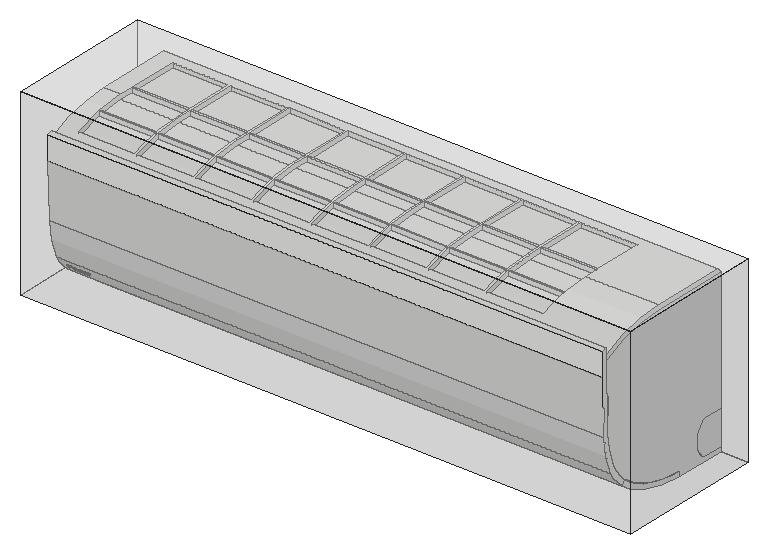
Revit family "outputfile", category 機械設備, Revit 2024
Family settings
  丸型コネクタ寸法 = 半径を使用
  パーツ タイプ = 標準
  OmniClass 番号 = 23.75.10.24.21.27.27
  OmniClass タイトル = Split System Air Conditioning Units
  作業面ベース = いいえ
  常に垂直 = はい
  ロード時にボイドで切り取り = いいえ
  注釈の向きを維持 = いいえ
  共有 = いいえ
  部屋計算ポイント = いいえ
Parameters (values of type "FTXF71WVMA")
  Description = ""
  書き出し IFC クラス(タイプ) = "IfcUnitaryEquipmentType"
  定義済み IFC タイプ(タイプ) = "AIRCONDITIONINGUNIT"
  Cost = 0
  Type Comments = ""
  Keynote = ""
  Type Image = (empty or 0)
  Assembly Code = ""
  w_wall hole = if(Width = 770.0 mm, 48.0 mm, 60.0 mm)  # 60.0 mm
  製造元 = "Daikin"
  モデル = "FTXF71WVMA"
  switch_frequency = yes
  r_Liquid Pipe Size = Liquid Pipe Size / 2  # 3.2 mm
  r_Gas Pipe Size = Gas Pipe Size / 2  # 6.35 mm
  r_Drain Pipe Size = Drain Pipe Size / 2  # 8.0 mm
  lw_powersupply [instance] = if(Width = 770.0 mm, if(or(Rear Right Connection_refrigerant, Bottom Right Connection_refrigerant), 25.0 mm, if(or(Rear Left Connection_refrigerant, Bottom Left Connection_refrigerant), 745.0 mm, 400.0 mm)), if(Width = 990.0 mm, if(or(Rear Right Connection_refrigerant, Bottom Right Connection_refrigerant), 40.0 mm, if(or(Rear Left Connection_refrigerant, Bottom Left Connection_refrigerant), 920.0 mm, 400.0 mm)), if(or(Rear Right Connection_refrigerant, Bottom Right Connection_refrigerant), 40.0 mm, if(or(Rear Left Connection_refrigerant, Bottom Left Connection_refrigerant), 920.0 mm, 400.0 mm))))  # 400.0 mm
  lw_liquidpipe [instance] = if(Width = 770.0 mm, if(or(Rear Right Connection_refrigerant, Bottom Right Connection_refrigerant), 0.0 mm, if(or(Rear Left Connection_refrigerant, Bottom Left Connection_refrigerant), 664.0 mm, 385.0 mm)), if(Width = 990.0 mm, if(or(Rear Right Connection_refrigerant, Bottom Right Connection_refrigerant), 0.0 mm, if(or(Rear Left Connection_refrigerant, Bottom Left Connection_refrigerant), 664.0 mm + (990.0 mm - 770.0 mm), 475.0 mm)), if(or(Rear Right Connection_refrigerant, Bottom Right Connection_refrigerant), 0.0 mm, if(or(Rear Left Connection_refrigerant, Bottom Left Connection_refrigerant), 664.0 mm + (990.0 mm - 770.0 mm), 475.0 mm))))  # 475.0 mm
  lw_gaspipe [instance] = if(Width = 770.0 mm, if(or(Rear Right Connection_refrigerant, Bottom Right Connection_refrigerant), 0.0 mm, if(or(Rear Left Connection_refrigerant, Bottom Left Connection_refrigerant), 675.0 mm, if(Gas Pipe Size = 12.7 mm, 335.0 mm, 335.0 mm))), if(Width = 990.0 mm, if(or(Rear Right Connection_refrigerant, Bottom Right Connection_refrigerant), 10.0 mm, if(or(Rear Left Connection_refrigerant, Bottom Left Connection_refrigerant), 890.0 mm, if(Gas Pipe Size = 15.9 mm, 400.0 mm, 400.0 mm))), if(or(Rear Right Connection_refrigerant, Bottom Right Connection_refrigerant), 10.0 mm, if(or(Rear Left Connection_refrigerant, Bottom Left Connection_refrigerant), 890.0 mm, if(Gas Pipe Size = 15.9 mm, 400.0 mm, 400.0 mm)))))  # 400.0 mm
  lw_drainpipe [instance] = if(Width = 770.0 mm, if(or(Rear Right Connection_refrigerant, Bottom Right Connection_refrigerant), 0.0 mm, if(or(Rear Left Connection_refrigerant, Bottom Left Connection_refrigerant), 770.0 mm - 48.0 mm - 48.0 mm, 440.0 mm)), if(Width = 990.0 mm, if(or(Rear Right Connection_refrigerant, Bottom Right Connection_refrigerant), 0.0 mm, if(or(Rear Left Connection_refrigerant, Bottom Left Connection_refrigerant), 675.0 mm + (990.0 mm - 770.0 mm), 435.0 mm)), if(or(Rear Right Connection_refrigerant, Bottom Right Connection_refrigerant), 0.0 mm, if(or(Rear Left Connection_refrigerant, Bottom Left Connection_refrigerant), 675.0 mm + (990.0 mm - 770.0 mm), 435.0 mm))))  # 435.0 mm
  l_powersupply_length [instance] = if(Width = 770.0 mm, if(Right Connection_refrigerant, 400.0 mm, if(Left Connection_refrigerant, 770.0 mm - 400.0 mm, if(or(Rear Left Connection_refrigerant, Rear Right Connection_refrigerant), 15.0 mm, 50.0 mm))), if(Width = 990.0 mm, if(Right Connection_refrigerant, 400.0 mm, if(Left Connection_refrigerant, 990.0 mm - 400.0 mm, if(or(Rear Left Connection_refrigerant, Rear Right Connection_refrigerant), 15.0 mm, 50.0 mm))), if(Right Connection_refrigerant, 400.0 mm, if(Left Connection_refrigerant, 990.0 mm - 400.0 mm, if(or(Rear Left Connection_refrigerant, Rear Right Connection_refrigerant), 15.0 mm, 50.0 mm)))))  # 400.0 mm
  l_liquidpipe_length [instance] = if(Width = 770.0 mm, if(Right Connection_refrigerant, 433.0 mm, if(Left Connection_refrigerant, 337.0 mm, if(or(Rear Left Connection_refrigerant, Rear Right Connection_refrigerant), 30.0 mm, 40.0 mm))), if(Width = 990.0 mm, if(Right Connection_refrigerant, 535.0 mm, if(Left Connection_refrigerant, 455.0 mm, if(or(Rear Left Connection_refrigerant, Rear Right Connection_refrigerant), 30.0 mm, 40.0 mm))), if(Right Connection_refrigerant, 535.0 mm, if(Left Connection_refrigerant, 455.0 mm, if(or(Rear Left Connection_refrigerant, Rear Right Connection_refrigerant), 30.0 mm, 40.0 mm)))))  # 535.0 mm
  l_gaspipe_length [instance] = if(Width = 770.0 mm, if(Right Connection_refrigerant, if(Gas Pipe Size = 12.7 mm, 383.0 mm, 383.0 mm), if(Left Connection_refrigerant, if(Gas Pipe Size = 12.7 mm, 770.0 mm - 383.0 mm, 770.0 mm - 383.0 mm), if(or(Rear Left Connection_refrigerant, Rear Right Connection_refrigerant), 40.0 mm, 50.0 mm))), if(Width = 990.0 mm, if(Right Connection_refrigerant, if(Gas Pipe Size = 15.9 mm, 460.0 mm, 460.0 mm), if(Left Connection_refrigerant, if(Gas Pipe Size = 15.9 mm, 990.0 mm - 460.0 mm, 990.0 mm - 460.0 mm), if(or(Rear Left Connection_refrigerant, Rear Right Connection_refrigerant), 40.0 mm, 50.0 mm))), if(Right Connection_refrigerant, if(Gas Pipe Size = 15.9 mm, 460.0 mm, 460.0 mm), if(Left Connection_refrigerant, if(Gas Pipe Size = 15.9 mm, 990.0 mm - 460.0 mm, 990.0 mm - 460.0 mm), if(or(Rear Left Connection_refrigerant, Rear Right Connection_refrigerant), 40.0 mm, 50.0 mm)))))  # 460.0 mm
  l_drainpipe_length [instance] = if(Width = 770.0 mm, if(Right Connection_refrigerant, 488.0 mm, if(Left Connection_refrigerant, 282.0 mm, if(or(Rear Left Connection_refrigerant, Rear Right Connection_refrigerant), 15.0 mm, 20.0 mm))), if(Width = 990.0 mm, if(Right Connection_refrigerant, 495.0 mm, if(Left Connection_refrigerant, 495.0 mm, if(or(Rear Left Connection_refrigerant, Rear Right Connection_refrigerant), 15.0 mm, 20.0 mm))), if(Right Connection_refrigerant, 495.0 mm, if(Left Connection_refrigerant, 495.0 mm, if(or(Rear Left Connection_refrigerant, Rear Right Connection_refrigerant), 15.0 mm, 20.0 mm)))))  # 495.0 mm
  h*** = 0.0 mm  # constant formula
  connector_voltage = Voltage_50Hz  # 230 V
  connector_powerinput = if([Power Input (Cooling)] > [Power Input (Heating)], [Power Input (Cooling)], [Power Input (Heating)])  # 0.000 kW
  connector_phase = Phase_50Hz  # 1
  angle_vertical [instance] = if(or(Bottom Left Connection_refrigerant, Bottom Right Connection_refrigerant), 0.00°, 90.00°)  # 90.00°
  angle_horizontal [instance] = if(Right Connection_refrigerant, 90.00°, if(Left Connection_refrigerant, -90.00°, if(or(Rear Left Connection_refrigerant, Rear Right Connection_refrigerant), 180.00°, 0.00°)))  # 90.00°
  Width = 990.0 mm
  Voltage_comment_50Hz = "220 - 240"
  Voltage_50Hz = 230 V
  Version = "ver.1.0"
  Unit Type = "Wall Mounted"
  Unit Mass Weight = 13.00 kg
  Unit Designation [instance] = ""
  Uniclass2015Version = "Products v1.30"
  Uniclass2015Title = "Split coil room air conditioning units"
  Uniclass2015Code = "Pr_70_65_03_86"
  URL = ""
  Total Heating Capacity [instance] = 0.000 kW
  Total Cooling Capacity [instance] = 0.000 kW
  Sound Pressure Level_M speed (dBA) = 45
  Sound Pressure Level_L speed (dBA) = 37
  Sound Pressure Level_H speed (dBA) = 49
  Sound Power Level_H speed (dB) = 0
  Series = "Single Split_Fan Coil Unit"
  Sensible Cooling Capacity [instance] = 0.000 kW
  Refrigerant Type = "R32"
  Power Input (Heating) = 0.000 kW
  Power Input (Cooling) = 0.000 kW
  Phase_50Hz = 1
  Option Accessory 3 [instance] = ""
  Option Accessory 2 [instance] = ""
  Option Accessory 1 [instance] = ""
  Nominal Heating Capacity = 8.000 kW
  Nominal Cooling Capacity = 7.100 kW
  Minimum Circuit Amps_50Hz = 0.0 A
  Minimum Airflow = 780.00 m³/h
  Median Airflow = 1020.00 m³/h
  Maximum Fuse Amps_50Hz = 0.0 A
  Maximum Airflow = 1260.00 m³/h
  Material_Casing = DAIKIN_PureWhite_Casing_indoorunit
  Load Classification = HVAC
  Liquid Pipe Size = 6.4 mm
  Link_Nested Family [instance] = ""
  IfcVersion = ""
  IfcExportType = "AIRCONDITIONINGUNIT"
  IfcExportAs = "IfcUnitaryEquipmentType"
  Height = 295.0 mm
  Heating Entering Wet Bulb Temperature [instance] = 0.00 °C
  Heating Entering Dry Bulb Temperature [instance] = 0.00 °C
  Heating Ambient Wet Bulb Temperature [instance] = 0.00 °C
  Heating Ambient Dry Bulb Temperature [instance] = 0.00 °C
  Heat Exchanger Type = "Cross Fin Coil"
  Gas Pipe Size = 12.7 mm
  Frequency_50Hz = 50 Hz
  Fan Type = "Cross Flow Fan"
  Fan Drive = "Direct Drive"
  FCU Tag No. [instance] = ""
  Drain Pipe Size = 16.0 mm
  Design Supply Airflow [instance] = 0.00 m³/h
  Depth = 263.0 mm
  既定の高さ = 0.0 mm
  Cooling Entering Wet Bulb Temperature [instance] = 0.00 °C
  Cooling Entering Dry Bulb Temperature [instance] = 0.00 °C
  Cooling Ambient Wet Bulb Temperature [instance] = 0.00 °C
  Cooling Ambient Dry Bulb Temperature [instance] = 0.00 °C
  Clearance visibility [instance] = yes
  Clearance Top = 30.0 mm
  Clearance Right = 50.0 mm
  Clearance Rear = 0.0 mm
  Clearance Left = 50.0 mm
  Clearance Front = 0.0 mm
  Clearance Bottom = 0.0 mm
  Bottom Right Connection_refrigerant [instance] = no
  Bottom Left Connection_refrigerant [instance] = no
  Rear Right Connection_refrigerant [instance] = no
  Rear Left Connection_refrigerant [instance] = no
  Right Connection_refrigerant [instance] = yes
  Left Connection_refrigerant [instance] = no
Reference planes
  plane 1 "Back": y = 0
  plane 2: z = 0
  plane 3 "Center (Left/Right)": x = 0
  plane 4 "Center (Front/Back)": y = -131.5
  plane 5 "Front": y = -263
  plane 6 "Left": x = -495
  plane 7 "Right": x = 495
  plane 8 "Top": z = 0
  plane 9 "Bottom": z = -295
  plane 10: x = -545
  plane 11: x = 545
  plane 12: y = 0
  plane 13: y = -263
  plane 14: z = 30
  plane 15: z = -295
  plane 16 "lw_Piping and Wiring intake": x = 435
  plane 17 "lw_gaspipe": x = 35
  plane 18 "lw_liquidpipe": x = -40
  plane 19 "lw_drainpipe": x = 0
  plane 20 "lh_drainpipe": z = -275
  plane 21 "lh_liquidpipe": z = -255
  plane 22 "lh_gaspipe": z = -245
  plane 23 "ld_drainpipe": y = -15
  plane 24 "ld_liquidpipe": y = -30
  plane 25 "ld_gaspipe": y = -40
  plane 26 "lw_powersupply": x = 95
Dimensions and locks
  equal spacing: plane 6 "Left", plane 3 "Center (Left/Right)", plane 7 "Right"
  "Width": plane 6 "Left" to plane 7 "Right"
  equal spacing: plane 5 "Front", plane 4 "Center (Front/Back)", plane 1 "Back"
  "Depth": plane 5 "Front" to plane 1 "Back"
  "Height": plane 8 "Top" to plane 9 "Bottom"
  "Clearance Rear": plane 12 to plane 1 "Back"
  "Clearance Front": plane 13 to plane 5 "Front"
  "Clearance Top": plane 14 to plane 8 "Top"
  "Clearance Bottom": plane 9 "Bottom" to plane 15
  "w_wall hole": plane 16 "lw_Piping and Wiring intake" to plane 7 "Right"
  "lw_gaspipe": plane 17 "lw_gaspipe" to plane 16 "lw_Piping and Wiring intake"
  "lw_liquidpipe": plane 18 "lw_liquidpipe" to plane 16 "lw_Piping and Wiring intake"
  "lw_drainpipe": plane 19 "lw_drainpipe" to plane 16 "lw_Piping and Wiring intake"
  locked: plane 20 "lh_drainpipe" to plane 9 "Bottom" at 20
  locked: plane 21 "lh_liquidpipe" to plane 9 "Bottom" at 40
  locked: plane 22 "lh_gaspipe" to plane 9 "Bottom" at 50
  locked: plane 23 "ld_drainpipe" to plane 1 "Back" at 15
  locked: plane 1 "Back" to plane 24 "ld_liquidpipe" at 30
  locked: plane 1 "Back" to plane 25 "ld_gaspipe" at 40
  "lw_powersupply": plane 26 "lw_powersupply" to plane 7 "Right"
  "Clearance Left": plane 10 to plane 6 "Left"
  "Clearance Right": plane 7 "Right" to plane 11
  aligned and locked: level to plane 2
  aligned and locked: plane 12 to nested 1
  aligned and locked: nested 1 to plane 13
  aligned and locked: plane 10 to nested 1
  aligned and locked: plane 11 to nested 1
  aligned and locked: plane 15 to nested 1
  aligned and locked: plane 14 to nested 1
  aligned and locked: plane 17 "lw_gaspipe" to nested 2
  aligned and locked: nested 2 to plane 25 "ld_gaspipe"
  aligned and locked: plane 18 "lw_liquidpipe" to nested 3
  aligned and locked: nested 3 to plane 24 "ld_liquidpipe"
  aligned and locked: plane 19 "lw_drainpipe" to nested 4
  aligned and locked: nested 4 to plane 23 "ld_drainpipe"
  aligned and locked: nested 5 to plane 23 "ld_drainpipe"
  aligned and locked: plane 26 "lw_powersupply" to nested 5
  aligned and locked: level to plane 8 "Top"
  aligned and locked: plane 3 "Center (Left/Right)" to nested 6
  aligned and locked: plane 1 "Back" to nested 6
  aligned and locked: plane 8 "Top" to nested 6
Nested families
  nested 1: "daikin_clearancespace" at (0, -131.5, -132.381), show <- "Clearance visibility", visible <- "Clearance visibility", Link_Nested Family <- "Link_Nested Family", type "daikin_clearancespace"
    with width 1090.0 mm, show yes, height 325.0 mm, depth 263.0 mm, Link_Nested Family ""
  nested 2: "daikin_connector_rotate3" at (35, -40, -245), angle_vertical <- "angle_vertical", angle_horizontal <- "angle_horizontal", length <- "l_gaspipe_length", radius <- "r_Gas Pipe Size", type "daikin_connector_rotate3"
    with show no, radius 6.35 mm, length 460.0 mm, angle_vertical 90.00°, angle_horizontal 90.00°
  nested 3: "daikin_connector_rotate3" at (-40, -30, -255), angle_vertical <- "angle_vertical", angle_horizontal <- "angle_horizontal", radius <- "r_Liquid Pipe Size", length <- "l_liquidpipe_length", type "daikin_connector_rotate3"
    with show no, radius 3.2 mm, length 535.0 mm, angle_vertical 90.00°, angle_horizontal 90.00°
  nested 4: "daikin_connector_rotate3" at (0, -15, -275), angle_vertical <- "angle_vertical", angle_horizontal <- "angle_horizontal", length <- "l_drainpipe_length", radius <- "r_Drain Pipe Size", type "daikin_connector_rotate3"
    with show no, radius 8.0 mm, length 495.0 mm, angle_vertical 90.00°, angle_horizontal 90.00°
  nested 5: "daikin_connector_rotate3" at (95, -15, -245), angle_vertical <- "angle_vertical", angle_horizontal <- "angle_horizontal", length <- "l_powersupply_length", type "daikin_connector_rotate3"
    with show no, radius 10.0 mm, length 400.0 mm, angle_vertical 90.00°, angle_horizontal 90.00°
  nested 6: "DAIKIN_indoorunit_FTXF-WVMA" at (-31, 0, 0), type "FTXF-WVMA"
    with switch_unit1_60-71 yes, switch_unit1_20-50 no, Width 990.0 mm, WALL HOLE-R 60.0 mm, WALL HOLE Size 80.0 mm, Height 295.0 mm
Connectors
  piping at (495, -40, -245), diameter 12.7, driven by "r_Gas Pipe Size"
    settings: on nested 2, index 1, connector inside diameter 609.6 mm, connector length 0.0 mm, flow factor 0, pipe flow 0.00 m³/h, pressure drop 0.0 Pa, fitting loss kfactor 0, connector angle 0.00°, fixture units 0, engagement length 0.0 mm, angle of deflection 0.00°, flow configuration 1, flow direction 2, fitting loss method 0, system type 29, joint type 0, gender type 0, connector reference index -1, connector utility 0, adjustable connector no, is connector primary yes, connector description "Refrigerant Gas Piping"
  piping at (495, -30, -255), diameter 6.4, driven by "r_Liquid Pipe Size"
    settings: on nested 3, index 2, connector inside diameter 609.6 mm, connector length 0.0 mm, flow factor 0, pipe flow 0.00 m³/h, pressure drop 0.0 Pa, fitting loss kfactor 0, connector angle 0.00°, fixture units 0, engagement length 0.0 mm, angle of deflection 0.00°, flow configuration 1, flow direction 1, fitting loss method 0, system type 29, joint type 0, gender type 0, connector reference index -1, connector utility 0, adjustable connector no, is connector primary no, connector description "Refrigerant Liquid Piping"
  piping at (495, -15, -275), diameter 16, driven by "r_Drain Pipe Size"
    settings: on nested 4, index 3, connector inside diameter 609.6 mm, connector length 0.0 mm, flow factor 0, pipe flow 0.00 m³/h, pressure drop 0.0 Pa, fitting loss kfactor 0, connector angle 0.00°, fixture units 0, engagement length 0.0 mm, angle of deflection 0.00°, flow configuration 1, flow direction 2, fitting loss method 4, system type 16, joint type 0, gender type 0, connector reference index -1, connector utility 0, adjustable connector no, is connector primary no, connector description "Condensate Drain Piping"
  electrical at (495, -15, -245), driven by "Load Classification", driven by "connector_voltage", driven by "connector_powerinput", driven by "connector_phase"
    settings: on nested 5, index 4, voltage 230 V, apparent load 0 VA, apparent load phase1 0 VA, apparent load phase2 0 VA, apparent load phase3 0 VA, power factor 1, load classification "HVAC", number of poles 1, system type 30, power factor state 1, is connector primary yes, connector utility no, sub classification motor no, connector description "Power Supply"
Definition of nested family "daikin_clearancespace"
  Parameters (values of type "daikin_clearancespace")
    Description = "daikin_clearancespace"
    width [instance] = 1823.963 mm
    show [instance] = yes
    material = none
    height [instance] = 1359.762 mm
    depth [instance] = 880.0 mm
    Default Elevation = 0.0 mm
    Link_Nested Family [instance] = ""
  Reference planes
    plane 1 "Center (Front/Back)": y = 0
    plane 2 "Center (Elevation)": z = -0.119
    plane 3 "Center (Left/Right)": x = 0
    plane 4: y = 440
    plane 5: y = -440
    plane 6 "Right": x = 911.982
    plane 7 "Left": x = -911.982
    plane 8 "Top": z = 679.762
    plane 9 "Bottom": z = -680
  Forms (mm)
    Extrusion 1, solid, material <- "material", visible <- "show"
      sketch origin (0, 0, 0) x (1, 0, 0) y (0, 1, 0)
        loop
          line (-911.982, 440) -> (-911.982, -440) -> (911.982, -440) -> (911.982, 440) -> (-911.982, 440)
      from -680 to 679.762
  Lines and regions (mm)
    symbolic lines, visible <- "show"
      curve 1: line (911.982, 440, 0) -> (-911.982, 440, 0)
      curve 2: line (-911.982, 440, 0) -> (-911.982, -440, 0)
      curve 3: line (-911.982, -440, 0) -> (911.982, -440, 0)
      curve 4: line (911.982, -440, 0) -> (911.982, 440, 0)
      curve 5: line (911.982, 0, 679.762) -> (-911.982, 0, 679.762)
      curve 6: line (911.982, 0, -680) -> (911.982, 0, 679.762)
      curve 7: line (-911.982, 0, -680) -> (911.982, 0, -680)
      curve 8: line (-911.982, 0, 679.762) -> (-911.982, 0, -680)
      curve 9: line (0, 440, 679.762) -> (0, -440, 679.762)
      curve 10: line (0, -440, 679.762) -> (0, -440, -680)
      curve 11: line (0, 440, -680) -> (0, 440, 679.762)
      curve 12: line (0, -440, -680) -> (0, 440, -680)
  Dimensions and locks
    "width": plane 7 "Left" to plane 6 "Right"
    "depth": plane 4 to plane 5
    "height": plane 8 "Top" to plane 9 "Bottom"
    equal spacing: plane 7 "Left", plane 3 "Center (Left/Right)", plane 6 "Right"
    equal spacing: plane 4, plane 1 "Center (Front/Back)", plane 5
    equal spacing: plane 8 "Top", plane 2 "Center (Elevation)", plane 9 "Bottom"
    aligned and locked: level to plane 2 "Center (Elevation)"
    aligned and locked: Extrusion 1 sketch curve to plane 4
    aligned and locked: plane 7 "Left" to Extrusion 1 sketch curve
    aligned and locked: Extrusion 1 sketch curve to plane 5
    aligned and locked: Extrusion 1 sketch curve to plane 6 "Right"
    aligned and locked: plane 8 "Top" to Extrusion 1
    aligned and locked: curve 1 to Extrusion 1
    aligned and locked: curve 2 to Extrusion 1
    aligned and locked: curve 3 to Extrusion 1
    aligned and locked: curve 4 to Extrusion 1
    aligned and locked: curve 5 to Extrusion 1
    aligned and locked: curve 6 to Extrusion 1
    aligned and locked: curve 7 to Extrusion 1
    aligned and locked: curve 8 to Extrusion 1
    aligned and locked: curve 9 to Extrusion 1
    aligned and locked: curve 10 to Extrusion 1
    aligned and locked: curve 11 to Extrusion 1
    aligned and locked: curve 12 to Extrusion 1
    aligned and locked: Extrusion 1 to plane 9 "Bottom"
Definition of nested family "DAIKIN_indoorunit_FTXF-WVMA"
  Parameters (values of type "FTKF-TVMA")
    switch_unit1_60-71 = Width = 990.0 mm  # no
    switch_unit1_20-50 = Width = 770.0 mm  # yes
    Width = 770.0 mm
    WALL HOLE-R = if(Width = 770.0 mm, 48.0 mm, 60.0 mm)  # 48.0 mm
    WALL HOLE Size = if(Width = 770.0 mm, 65.0 mm, 80.0 mm)  # 65.0 mm
    Material_Casing = none
    Height = if(Width = 770.0 mm, 285.0 mm, 295.0 mm)  # 285.0 mm
    Default Elevation = 0.0 mm
  Reference planes
    plane 1 "Center (Front/Back)": y = 0
    plane 2 "reference_level": z = 0
    plane 3 "Center (Left/Right)": x = 31
    plane 4: x = -354
    plane 5: x = 416
    plane 6: z = -285
  Forms (mm)
    Extrusion 1, solid, material <- "Material_Casing", visible <- "switch_unit1_20-50"
      sketch origin (29, 0, 0) x (0, 1, 0) y (0, 0, 1)
        loop
          line (-5, 0) -> (-98, 0)
          arc (-98, 0) -> (-157.611, -7.211) -> (-213.783, -28.427) r 250
          arc (-213.783, -28.427) -> (-213.842, -32.972) -> (-213.892, -37.516) r 2191
          arc (-213.892, -37.516) -> (-157.832, -15.495) -> (-98.07, -8) r 242
          line (-98.07, -8) -> (0, -8) -> (-5, 0)
      from -383 to 387
    Extrusion 2, solid, material <- "Material_Casing", visible <- "switch_unit1_20-50"
      sketch origin (416, 1296.25, 1200) x (0, 1, 0) y (0, 0, 1)
        loop
          line (-1472.998, -1446.91) -> (-1476.998, -1453.839)
          arc (-1476.998, -1453.839) -> (-1437.481, -1472.422) -> (-1395.25, -1483.538) r 240
          line (-1395.25, -1483.538) -> (-1395.25, -1475.422)
          arc (-1395.25, -1475.422) -> (-1435.407, -1464.663) -> (-1472.998, -1446.91) r 232
      from 0 to -47.5
    Extrusion 3, solid, material <- "Material_Casing", visible <- "switch_unit1_20-50"
      sketch origin (29, 0, 0) x (0, 1, 0) y (0, 0, 1)
        loop
          arc (-223, -60.455) -> (-222.414, -110.646) -> (-220.656, -160.81) r 2149.92
          arc (-220.656, -160.81) -> (-219.65, -174.299) -> (-217.853, -187.706) r 229.911
          arc (-217.853, -187.706) -> (-205.371, -223.594) -> (-181.517, -253.17) r 111
          line (-181.517, -253.17) -> (-177.429, -246.093)
          arc (-177.429, -246.093) -> (-198.77, -218.989) -> (-209.965, -186.36) r 103
          arc (-209.965, -186.36) -> (-211.681, -173.586) -> (-212.651, -160.735) r 221.844
          arc (-212.651, -160.735) -> (-214.739, -93.233) -> (-214.74, -25.699) r 2186.828
          arc (-214.74, -25.699) -> (-214.671, -21.467) -> (-214.594, -17.235) r 2192
          line (-214.594, -17.235) -> (-223, -19.961) -> (-223, -60.455)
      from -383 to 387
    Extrusion 4, solid, material <- "Material_Casing", visible <- "switch_unit1_20-50"
      sketch origin (29, 0, -20) x (0, 1, 0) y (0, 0, 1)
        loop
          line (0, -265) -> (0, 12) -> (-98.07, 12)
          arc (-98.07, 12) -> (-157.832, 4.505) -> (-213.892, -17.516) r 242
          arc (-213.892, -17.516) -> (-213.638, -79.114) -> (-211.653, -140.681) r 2191
          arc (-211.653, -140.681) -> (-210.685, -153.501) -> (-208.973, -166.243) r 221
          arc (-208.973, -166.243) -> (-197.471, -199.282) -> (-175.482, -226.491) r 102
          arc (-175.482, -226.491) -> (-138.004, -244.019) -> (-98, -254.579) r 231
          line (-98, -254.579) -> (-98, -265) -> (0, -265)
      from -383 to 387
    Extrusion 5, solid, material <- "Material_Casing", visible <- "switch_unit1_20-50"
      sketch origin (-354, 1296.25, 1200) x (0, 1, 0) y (0, 0, 1)
        loop
          line (-1472.998, -1446.91) -> (-1476.998, -1453.839)
          arc (-1476.998, -1453.839) -> (-1437.481, -1472.422) -> (-1395.25, -1483.538) r 240
          line (-1395.25, -1483.538) -> (-1395.25, -1475.422)
          arc (-1395.25, -1475.422) -> (-1435.407, -1464.663) -> (-1472.998, -1446.91) r 232
      from 47 to 0
    Extrusion 6, solid, material <- "Material_Casing", visible <- "switch_unit1_20-50"
      sketch origin (416, 1296.25, 1200) x (0, 1, 0) y (0, 0, 1)
        loop
          line (-1472.998, -1446.91) -> (-1476.998, -1453.839)
          arc (-1476.998, -1453.839) -> (-1443.437, -1470.168) -> (-1407.75, -1481.097) r 240
          line (-1407.75, -1481.097) -> (-1407.75, -1472.894)
          arc (-1407.75, -1472.894) -> (-1441.363, -1462.385) -> (-1472.998, -1446.91) r 232
      from -116.993 to -48.493
    Extrusion 7, solid, material <- "Material_Casing", visible <- "switch_unit1_20-50"
      sketch origin (416, 1296.25, 1200) x (0, 1, 0) y (0, 0, 1)
        loop
          line (-1472.998, -1446.91) -> (-1476.998, -1453.839)
          arc (-1476.998, -1453.839) -> (-1443.437, -1470.168) -> (-1407.75, -1481.097) r 240
          line (-1407.75, -1481.097) -> (-1407.75, -1472.894)
          arc (-1407.75, -1472.894) -> (-1441.363, -1462.385) -> (-1472.998, -1446.91) r 232
      from -717 to -121.993
    Extrusion 8, void
      sketch origin (31, 0, -235) x (1, 0, 0) y (0, 1, 0)
        loop
          line (-252.674, -22.316) -> (-354.941, -22.316) -> (-354.941, -91.341) -> (-252.674, -91.341) -> (-252.674, -22.316)
        loop
          line (-249.341, -91.341) -> (-151.574, -91.341) -> (-151.574, -22.316) -> (-249.341, -22.316) -> (-249.341, -91.341)
        loop
          line (58.309, -22.316) -> (-148.309, -22.316) -> (-148.309, -91.341) -> (58.309, -91.341) -> (58.309, -22.316)
        loop
          line (61.689, -22.316) -> (61.689, -91.341) -> (159.457, -91.341) -> (159.457, -22.316) -> (61.689, -22.316)
        loop
          line (162.789, -22.316) -> (162.789, -91.341) -> (265.057, -91.341) -> (265.057, -22.316) -> (162.789, -22.316)
        loop
          line (-354.941, -94.659) -> (-354.941, -165.259) -> (-252.674, -165.259) -> (-252.674, -94.659) -> (-354.941, -94.659)
        loop
          line (-249.341, -94.659) -> (-249.341, -165.259) -> (-151.574, -165.259) -> (-151.574, -94.659) -> (-249.341, -94.659)
        loop
          line (-148.309, -94.659) -> (-148.309, -165.259) -> (58.309, -165.259) -> (58.309, -94.659) -> (-148.309, -94.659)
        loop
          line (61.689, -94.659) -> (61.689, -165.259) -> (159.457, -165.259) -> (159.457, -94.659) -> (61.689, -94.659)
        loop
          line (162.789, -94.659) -> (162.789, -165.259) -> (265.057, -165.259) -> (265.057, -94.659) -> (162.789, -94.659)
        loop
          line (-354.941, -167.382) -> (-354.941, -192.681) -> (-252.674, -192.681) -> (-252.674, -167.382) -> (-354.941, -167.382)
        loop
          line (-249.341, -167.382) -> (-249.341, -192.681) -> (-151.574, -192.681) -> (-151.574, -167.382) -> (-249.341, -167.382)
        loop
          line (-148.309, -167.382) -> (-148.309, -192.681) -> (58.309, -192.681) -> (58.309, -167.382) -> (-148.309, -167.382)
        loop
          line (159.457, -167.382) -> (61.689, -167.382) -> (61.689, -192.681) -> (159.457, -192.681) -> (159.457, -167.382)
        loop
          line (265.057, -167.382) -> (162.789, -167.382) -> (162.789, -192.681) -> (265.057, -192.681) -> (265.057, -167.382)
      from 201.638 to 250
    Extrusion 9, solid, material <- "Material_Casing"
      sketch origin (31, 0, 0) x (1, 0, 0) y (0, 0, 1)
        loop
          circle (337, -240.5) r 32.5
        loop
          circle (-337, -240.5) r 32.5
      from 0 to 5
    Extrusion 10, solid, material <- "Material_Casing", visible <- "switch_unit1_20-50"
      sketch origin (416, 1296.25, 1200) x (0, -1, 0) y (0, 0, 1)
        loop
          line (1326.25, -1417) -> (1296.25, -1417) -> (1296.25, -1477) -> (1326.25, -1477)
          arc (1326.25, -1477) -> (1340.393, -1471.142) -> (1346.25, -1457) r 20
          line (1346.25, -1457) -> (1346.25, -1437)
          arc (1346.25, -1437) -> (1340.393, -1422.858) -> (1326.25, -1417) r 20
      from 0 to 5
    Extrusion 11, solid, material <- "Material_Casing", visible <- "switch_unit1_20-50"
      sketch origin (-354, 1296.25, 1200) x (0, 1, 0) y (0, 0, 1)
        loop
          line (-1296.25, -1417) -> (-1326.25, -1417)
          arc (-1326.25, -1417) -> (-1340.393, -1422.858) -> (-1346.25, -1437) r 20
          line (-1346.25, -1437) -> (-1346.25, -1457)
          arc (-1346.25, -1457) -> (-1340.393, -1471.142) -> (-1326.25, -1477) r 20
          line (-1326.25, -1477) -> (-1296.25, -1477) -> (-1296.25, -1417)
      from 0 to 5
    Extrusion 12, solid, material <- "Material_Casing", visible <- "switch_unit1_20-50"
      sketch origin (31, 0, -285) x (-1, 0, 0) y (0, -1, 0)
        loop
          line (-314, 0) -> (-314, 30)
          arc (-314, 30) -> (-319.858, 44.142) -> (-334, 50) r 20
          line (-334, 50) -> (-354, 50)
          arc (-354, 50) -> (-368.142, 44.142) -> (-374, 30) r 20
          line (-374, 30) -> (-374, 0) -> (-314, 0)
        loop
          line (374, 0) -> (374, 30)
          arc (374, 30) -> (368.142, 44.142) -> (354, 50) r 20
          line (354, 50) -> (334, 50)
          arc (334, 50) -> (319.858, 44.142) -> (314, 30) r 20
          line (314, 30) -> (314, 0) -> (374, 0)
      from 0 to 5
    Extrusion 13, solid, material <- "Material_Casing", visible <- "switch_unit1_60-71"
      sketch origin (31, 0, 0) x (0, 1, 0) y (0, 0, 1)
        loop
          line (-5, 0) -> (-138, 0)
          arc (-138, 0) -> (-197.611, -7.211) -> (-253.783, -28.427) r 250
          arc (-253.783, -28.427) -> (-253.838, -32.687) -> (-253.886, -36.946) r 2191
          arc (-253.886, -36.946) -> (-197.73, -15.346) -> (-138.014, -8) r 246.393
          line (-138.014, -8) -> (0, -8) -> (-5, 0)
      from -495 to 495
    Extrusion 14, solid, material <- "Material_Casing", visible <- "switch_unit1_60-71"
      sketch origin (418, 1296.25, 1200) x (0, 1, 0) y (0, 0, 1)
        loop
          arc (-1515.208, -1454.149) -> (-1506.856, -1460.599) -> (-1497.925, -1466.219) r 110
          arc (-1497.925, -1466.219) -> (-1445.718, -1487.493) -> (-1389.844, -1494.995) r 223
          line (-1389.844, -1494.995) -> (-1389.844, -1486.086) -> (-1404.386, -1486.086)
          arc (-1404.386, -1486.086) -> (-1449.542, -1477.46) -> (-1491.818, -1459.402) r 214.289
          arc (-1491.818, -1459.402) -> (-1501.056, -1453.541) -> (-1509.606, -1446.715) r 101
          line (-1509.606, -1446.715) -> (-1515.208, -1454.149)
      from 108 to 57.5
    Extrusion 15, solid, material <- "Material_Casing", visible <- "switch_unit1_60-71"
      sketch origin (31, 0, 0) x (0, 1, 0) y (0, 0, 1)
        loop
          line (-263, -19.962) -> (-263, -61.6)
          arc (-263, -61.6) -> (-262.414, -110.219) -> (-260.656, -158.81) r 2017.341
          arc (-260.656, -158.81) -> (-255.648, -191.935) -> (-244.041, -223.362) r 164.725
          arc (-244.041, -223.362) -> (-233.569, -239.793) -> (-219.717, -253.495) r 87.379
          line (-219.717, -253.495) -> (-214.706, -246.846)
          arc (-214.706, -246.846) -> (-229.564, -230.029) -> (-240.385, -210.371) r 102
          arc (-240.385, -210.371) -> (-249.049, -182.962) -> (-252.848, -154.467) r 165.789
          arc (-252.848, -154.467) -> (-254.771, -90.102) -> (-254.74, -25.708) r 2122.533
          arc (-254.74, -25.708) -> (-254.671, -21.469) -> (-254.594, -17.23) r 2192
          line (-254.594, -17.23) -> (-263, -19.962)
      from -495 to 495
    Extrusion 16, void
      sketch origin (33, 0, 0) x (1, 0, 0) y (0, 1, 0)
        loop
          line (-466.909, -22.316) -> (-466.909, -111.341) -> (-366.303, -111.341) -> (-366.303, -22.316) -> (-466.909, -22.316)
        loop
          line (-362.71, -22.316) -> (-362.71, -111.341) -> (-262.103, -111.341) -> (-262.103, -22.316) -> (-362.71, -22.316)
        loop
          line (-258.51, -22.316) -> (-258.51, -111.341) -> (-157.904, -111.341) -> (-157.904, -22.316) -> (-258.51, -22.316)
        loop
          line (-154.31, -22.316) -> (-154.31, -111.341) -> (-53.704, -111.341) -> (-53.704, -22.316) -> (-154.31, -22.316)
        loop
          line (-50.11, -22.316) -> (-50.11, -111.341) -> (50.496, -111.341) -> (50.496, -22.316) -> (-50.11, -22.316)
        loop
          line (54.089, -22.316) -> (54.089, -111.341) -> (154.696, -111.341) -> (154.696, -22.316) -> (54.089, -22.316)
        loop
          line (158.289, -22.316) -> (158.289, -111.341) -> (258.895, -111.341) -> (258.895, -22.316) -> (158.289, -22.316)
        loop
          line (262.489, -22.316) -> (262.489, -111.341) -> (363.095, -111.341) -> (363.095, -22.316) -> (262.489, -22.316)
        loop
          line (-466.909, -114.459) -> (-466.909, -185.059) -> (-366.303, -185.059) -> (-366.303, -114.459) -> (-466.909, -114.459)
        loop
          line (-362.71, -114.459) -> (-362.71, -185.059) -> (-262.103, -185.059) -> (-262.103, -114.459) -> (-362.71, -114.459)
        loop
          line (-258.51, -114.459) -> (-258.51, -185.059) -> (-157.904, -185.059) -> (-157.904, -114.459) -> (-258.51, -114.459)
        loop
          line (-154.31, -114.459) -> (-154.31, -185.059) -> (-53.704, -185.059) -> (-53.704, -114.459) -> (-154.31, -114.459)
        loop
          line (-50.11, -114.459) -> (-50.11, -185.059) -> (50.496, -185.059) -> (50.496, -114.459) -> (-50.11, -114.459)
        loop
          line (54.089, -114.459) -> (54.089, -185.059) -> (154.696, -185.059) -> (154.696, -114.459) -> (54.089, -114.459)
        loop
          line (158.289, -114.459) -> (158.289, -185.059) -> (258.895, -185.059) -> (258.895, -114.459) -> (158.289, -114.459)
        loop
          line (262.489, -114.459) -> (262.489, -185.059) -> (363.095, -185.059) -> (363.095, -114.459) -> (262.489, -114.459)
        loop
          line (-466.909, -187.382) -> (-466.909, -232.681) -> (-366.303, -232.681) -> (-366.303, -187.382) -> (-466.909, -187.382)
        loop
          line (-362.71, -187.382) -> (-362.71, -232.681) -> (-262.103, -232.681) -> (-262.103, -187.382) -> (-362.71, -187.382)
        loop
          line (-258.51, -187.382) -> (-258.51, -232.681) -> (-157.904, -232.681) -> (-157.904, -187.382) -> (-258.51, -187.382)
        loop
          line (-154.31, -187.382) -> (-154.31, -232.681) -> (-53.704, -232.681) -> (-53.704, -187.382) -> (-154.31, -187.382)
        loop
          line (-50.11, -187.382) -> (-50.11, -232.681) -> (50.496, -232.681) -> (50.496, -187.382) -> (-50.11, -187.382)
        loop
          line (54.089, -187.382) -> (54.089, -232.681) -> (154.696, -232.681) -> (154.696, -187.382) -> (54.089, -187.382)
        loop
          line (158.289, -187.382) -> (158.289, -232.681) -> (258.895, -232.681) -> (258.895, -187.382) -> (158.289, -187.382)
        loop
          line (262.489, -187.382) -> (262.489, -232.681) -> (363.095, -232.681) -> (363.095, -187.382) -> (262.489, -187.382)
      from -40.013 to 47.268
    Extrusion 17, solid, material <- "Material_Casing", visible <- "switch_unit1_60-71"
      sketch origin (-356, 1296.25, 1200) x (0, 1, 0) y (0, 0, -1)
        loop
          line (-1515.208, 1454.149) -> (-1509.606, 1446.715)
          arc (-1509.606, 1446.715) -> (-1501.056, 1453.541) -> (-1491.818, 1459.402) r 101
          arc (-1491.818, 1459.402) -> (-1449.542, 1477.46) -> (-1404.386, 1486.086) r 214.289
          line (-1404.386, 1486.086) -> (-1389.844, 1486.086) -> (-1389.844, 1494.995)
          arc (-1389.844, 1494.995) -> (-1445.718, 1487.493) -> (-1497.925, 1466.219) r 223
          arc (-1497.925, 1466.219) -> (-1506.856, 1460.599) -> (-1515.208, 1454.149) r 110
      from 108 to 61
    Extrusion 18, solid, material <- "Material_Casing", visible <- "switch_unit1_60-71"
      sketch origin (418, 1296.25, 1200) x (0, 1, 0) y (0, 0, 1)
        loop
          arc (-1515.208, -1454.149) -> (-1506.856, -1460.599) -> (-1497.925, -1466.219) r 110
          arc (-1497.925, -1466.219) -> (-1463.185, -1482.066) -> (-1426.25, -1491.755) r 223
          line (-1426.25, -1491.755) -> (-1426.25, -1483.166)
          arc (-1426.25, -1483.166) -> (-1460.008, -1473.969) -> (-1491.818, -1459.402) r 214.289
          arc (-1491.818, -1459.402) -> (-1501.056, -1453.541) -> (-1509.606, -1446.715) r 101
          line (-1509.606, -1446.715) -> (-1515.208, -1454.149)
      from 56.5 to -36.993
    Extrusion 19, solid, material <- "Material_Casing", visible <- "switch_unit1_60-71"
      sketch origin (418, 1296.25, 1200) x (0, 1, 0) y (0, 0, 1)
        loop
          arc (-1426.25, -1483.166) -> (-1443.442, -1479.224) -> (-1460.25, -1473.881) r 214.289
          line (-1460.25, -1473.881) -> (-1460.25, -1483.089)
          arc (-1460.25, -1483.089) -> (-1443.421, -1488.091) -> (-1426.25, -1491.755) r 223
          line (-1426.25, -1491.755) -> (-1426.25, -1483.166)
      from -43.493 to -828.893
    Extrusion 20, solid, material <- "Material_Casing", visible <- "switch_unit1_60-71"
      sketch origin (418, 1296.25, 1200) x (0, 1, 0) y (0, 0, 1)
        loop
          arc (-1515.208, -1454.149) -> (-1506.856, -1460.599) -> (-1497.925, -1466.219) r 110
          arc (-1497.925, -1466.219) -> (-1479.479, -1475.527) -> (-1460.25, -1483.089) r 223
          line (-1460.25, -1483.089) -> (-1460.25, -1473.881)
          arc (-1460.25, -1473.881) -> (-1476.328, -1467.282) -> (-1491.818, -1459.402) r 214.289
          arc (-1491.818, -1459.402) -> (-1501.056, -1453.541) -> (-1509.606, -1446.715) r 101
          line (-1509.606, -1446.715) -> (-1515.208, -1454.149)
      from -43.493 to -828.893
    Extrusion 21, solid, material <- "Material_Casing", visible <- "switch_unit1_60-71"
      sketch origin (31, 0, -30) x (0, 1, 0) y (0, 0, 1)
        loop
          line (0, 22) -> (-138.014, 22)
          arc (-138.014, 22) -> (-197.73, 14.654) -> (-253.886, -6.946) r 246.393
          arc (-253.886, -6.946) -> (-253.682, -65.635) -> (-251.855, -124.295) r 2120.935
          arc (-251.855, -124.295) -> (-248.086, -152.682) -> (-239.461, -179.988) r 164.789
          arc (-239.461, -179.988) -> (-228.903, -199.231) -> (-214.437, -215.738) r 101
          line (-214.437, -215.738) -> (-212.406, -216.221)
          arc (-212.406, -216.221) -> (-204.07, -222.837) -> (-195.079, -228.53) r 100
          arc (-195.079, -228.53) -> (-145.557, -248.629) -> (-92.593, -255.785) r 213.289
          line (-92.593, -255.785) -> (-92.593, -265) -> (0, -265) -> (0, 22)
      from -495 to 495
    Extrusion 22, solid, material <- "Material_Casing", visible <- "switch_unit1_60-71"
      sketch origin (526, 1296.25, 1200) x (0, -1, 0) y (0, 0, 1)
        loop
          line (1326.25, -1427.035) -> (1296.25, -1427.035) -> (1296.25, -1487.035) -> (1326.25, -1487.035)
          arc (1326.25, -1487.035) -> (1340.393, -1481.177) -> (1346.25, -1467.035) r 20
          line (1346.25, -1467.035) -> (1346.25, -1447.035)
          arc (1346.25, -1447.035) -> (1340.393, -1432.892) -> (1326.25, -1427.035) r 20
      from 0 to 5
    Extrusion 23, solid, material <- "Material_Casing", visible <- "switch_unit1_60-71"
      sketch origin (-459, 1296.25, 1200) x (0, -1, 0) y (0, 0, 1)
        loop
          line (1326.25, -1427.035) -> (1296.25, -1427.035) -> (1296.25, -1487.035) -> (1326.25, -1487.035)
          arc (1326.25, -1487.035) -> (1340.393, -1481.177) -> (1346.25, -1467.035) r 20
          line (1346.25, -1467.035) -> (1346.25, -1447.035)
          arc (1346.25, -1447.035) -> (1340.393, -1432.892) -> (1326.25, -1427.035) r 20
      from 0 to 5
    Extrusion 24, solid, material <- "Material_Casing", visible <- "switch_unit1_60-71"
      sketch origin (31, 200, -295) x (-1, 0, 0) y (0, -1, 0)
        loop
          line (469, 200) -> (469, 230)
          arc (469, 230) -> (463.142, 244.142) -> (449, 250) r 20
          line (449, 250) -> (429, 250)
          arc (429, 250) -> (414.858, 244.142) -> (409, 230) r 20
          line (409, 230) -> (409, 200) -> (469, 200)
        loop
          line (-469, 200) -> (-409, 200) -> (-409, 230)
          arc (-409, 230) -> (-414.858, 244.142) -> (-429, 250) r 20
          line (-429, 250) -> (-449, 250)
          arc (-449, 250) -> (-463.142, 244.142) -> (-469, 230) r 20
          line (-469, 230) -> (-469, 200)
      from 0 to 5
  Cuts and joins
    Extrusion 8 cuts Extrusion 1
    Extrusion 16 cuts Extrusion 13
  Lines and regions (mm)
    reference lines
      curve 1: line (-523, -201.911, -229.404) -> (-523, -193.542, -239.977)
      curve 2: line (-523, -240.779, -229.404) -> (-523, -232.411, -239.977)
  Dimensions and locks
    locked: Extrusion 10 sketch curve to Extrusion 10 sketch curve at 60
    locked: Extrusion 10 sketch curve to Extrusion 10 sketch curve at 50
    locked: Extrusion 12 sketch curve to Extrusion 12 sketch curve at 60  (x2)
    locked: Extrusion 12 sketch curve to Extrusion 12 sketch curve at 50
    equal spacing: plane 5, plane 3 "Center (Left/Right)", plane 4
    "Width": plane 5 to plane 4
    locked: Extrusion 9 sketch curve to plane 4 at 48
    "WALL HOLE-R": plane 5 to Extrusion 9 sketch curve
    "Height": plane 2 "reference_level" to plane 6
    locked: Extrusion 9 sketch curve to plane 6 at 44.5  (x2)
    locked: Extrusion 15 to nested 2 at 15
    locked: Extrusion 22 sketch curve to Extrusion 22 sketch curve at 60
    locked: Extrusion 22 sketch curve to Extrusion 22 sketch curve at 50
    locked: Extrusion 23 sketch curve to Extrusion 23 sketch curve at 60
    locked: Extrusion 23 sketch curve to Extrusion 23 sketch curve at 50
    locked: Extrusion 24 sketch curve to Extrusion 24 sketch curve at 60  (x2)
    locked: Extrusion 24 sketch curve to Extrusion 24 sketch curve at 50  (x2)
    "WALL HOLE Size": diameter of Extrusion 9 sketch curve  (x2)
    aligned and locked: level to plane 2 "reference_level"
    aligned and locked: nested 1 to curve 1
    aligned and locked: Extrusion 11 sketch curve to Extrusion 10  (x4)
    aligned and locked: Extrusion 12 sketch curve to Extrusion 12 sketch curve  (x2)
    aligned and locked: Extrusion 9 to plane 1 "Center (Front/Back)"
    aligned and locked: nested 2 to curve 2
  Automatic sketch dimensions
    curve 1 to level = 239.977 mm
    plane 1 "Center (Front/Back)" to curve 1 = 193.542 mm
    curve 2 to curve 1 = 0.0 mm
    curve 2 to curve 2 = 10.573 mm
    curve 1 to curve 1 = 10.573 mm
    curve 1 to curve 1 = 8.368 mm
    curve 1 to curve 2 = 30.5 mm
    curve 2 to curve 2 = 8.368 mm
    Extrusion 1 sketch curve to level = 0.0 mm
    Extrusion 1 sketch curve to plane 1 "Center (Front/Back)" = 0.0 mm
    plane 1 "Center (Front/Back)" to Extrusion 1 sketch curve = 5.0 mm
    plane 1 "Center (Front/Back)" to Extrusion 1 sketch curve = 98.0 mm
    Extrusion 1 sketch curve to Extrusion 1 sketch curve = 0.07 mm
    Extrusion 1 sketch curve to level = 59.292 mm
    Extrusion 1 sketch curve to plane 1 "Center (Front/Back)" = 1977.0 mm
    Extrusion 1 sketch curve to level = 250.0 mm
    Extrusion 1 sketch curve to Extrusion 1 sketch curve = 0.0 mm
    Extrusion 1 sketch curve to level = 8.0 mm
    Extrusion 1 sketch curve to level = 28.427 mm
    plane 1 "Center (Front/Back)" to Extrusion 2 sketch curve = 180.748 mm
    Extrusion 2 sketch curve to Extrusion 2 sketch curve = 4.0 mm
    Extrusion 2 sketch curve to Extrusion 2 sketch curve = 77.747 mm
    plane 1 "Center (Front/Back)" to Extrusion 2 sketch curve = 59.279 mm
    Extrusion 2 sketch curve to Extrusion 2 sketch curve = 0.0 mm
    Extrusion 2 sketch curve to level = 283.538 mm
    Extrusion 2 sketch curve to Extrusion 2 sketch curve = 8.116 mm
    Extrusion 2 sketch curve to Extrusion 2 sketch curve = 21.583 mm
    Extrusion 2 sketch curve to Extrusion 2 sketch curve = 6.929 mm
    Extrusion 3 sketch curve to level = 19.961 mm
    plane 1 "Center (Front/Back)" to Extrusion 3 sketch curve = 223.0 mm
    Extrusion 3 sketch curve to level = 17.235 mm
    Extrusion 3 sketch curve to Extrusion 3 sketch curve = 8.406 mm
    plane 1 "Center (Front/Back)" to Extrusion 3 sketch curve = 181.517 mm
    Extrusion 3 sketch curve to Extrusion 3 sketch curve = 4.087 mm
    Extrusion 3 sketch curve to Extrusion 3 sketch curve = 69.11 mm
    Extrusion 3 sketch curve to Extrusion 3 sketch curve = 0.001 mm
    Extrusion 3 sketch curve to plane 1 "Center (Front/Back)" = 8.955 mm
    Extrusion 3 sketch curve to Extrusion 3 sketch curve = 0.067 mm
    Extrusion 3 sketch curve to level = 60.455 mm
    Extrusion 3 sketch curve to Extrusion 3 sketch curve = 1917.898 mm
    Extrusion 3 sketch curve to Extrusion 3 sketch curve = 44.907 mm
    Extrusion 3 sketch curve to Extrusion 3 sketch curve = 5.172 mm
    Extrusion 3 sketch curve to level = 150.456 mm
    Extrusion 3 sketch curve to Extrusion 3 sketch curve = 0.006 mm
    Extrusion 3 sketch curve to Extrusion 3 sketch curve = 19.265 mm
    Extrusion 3 sketch curve to Extrusion 3 sketch curve = 0.004 mm
    Extrusion 3 sketch curve to Extrusion 3 sketch curve = 76.368 mm
    Extrusion 3 sketch curve to Extrusion 3 sketch curve = 7.077 mm
    Extrusion 3 sketch curve to Extrusion 3 sketch curve = 1.002 mm
    Extrusion 3 sketch curve to Extrusion 3 sketch curve = 0.046 mm
    Extrusion 3 sketch curve to Extrusion 3 sketch curve = 8.005 mm
    Extrusion 3 sketch curve to Extrusion 3 sketch curve = 0.147 mm
    Extrusion 3 sketch curve to Extrusion 3 sketch curve = 0.0 mm
    Extrusion 4 sketch curve to plane 1 "Center (Front/Back)" = 0.0 mm
    plane 1 "Center (Front/Back)" to Extrusion 4 sketch curve = 59.278 mm
    Extrusion 4 sketch curve to Extrusion 4 sketch curve = 98.0 mm
    Extrusion 4 sketch curve to Extrusion 4 sketch curve = 0.0 mm  (x3)
    Extrusion 4 sketch curve to level = 8.0 mm
    Extrusion 4 sketch curve to Extrusion 4 sketch curve = 38.791 mm
    Extrusion 4 sketch curve to Extrusion 4 sketch curve = 10.249 mm
    Extrusion 4 sketch curve to plane 1 "Center (Front/Back)" = 9.11 mm
    Extrusion 4 sketch curve to level = 59.292 mm
    Extrusion 4 sketch curve to Extrusion 4 sketch curve = 1967.89 mm
    Extrusion 4 sketch curve to Extrusion 4 sketch curve = 142.454 mm
    Extrusion 4 sketch curve to Extrusion 4 sketch curve = 19.271 mm
    Extrusion 4 sketch curve to Extrusion 4 sketch curve = 80.275 mm
    Extrusion 4 sketch curve to Extrusion 4 sketch curve = 24.579 mm
    Extrusion 4 sketch curve to Extrusion 4 sketch curve = 10.421 mm
    Extrusion 4 sketch curve to level = 46.847 mm
    Extrusion 4 sketch curve to Extrusion 4 sketch curve = 77.412 mm
    Extrusion 4 sketch curve to Extrusion 4 sketch curve = 33.49 mm
    Extrusion 4 sketch curve to Extrusion 4 sketch curve = 2.68 mm
    plane 1 "Center (Front/Back)" to Extrusion 5 sketch curve = 180.748 mm
    Extrusion 5 sketch curve to Extrusion 5 sketch curve = 4.0 mm
    Extrusion 5 sketch curve to Extrusion 5 sketch curve = 77.747 mm
    plane 1 "Center (Front/Back)" to Extrusion 5 sketch curve = 59.279 mm
    Extrusion 5 sketch curve to Extrusion 5 sketch curve = 0.0 mm
    Extrusion 5 sketch curve to level = 283.538 mm
    Extrusion 5 sketch curve to Extrusion 5 sketch curve = 8.116 mm
    Extrusion 5 sketch curve to Extrusion 5 sketch curve = 21.583 mm
    Extrusion 5 sketch curve to Extrusion 5 sketch curve = 6.929 mm
    plane 1 "Center (Front/Back)" to Extrusion 6 sketch curve = 180.748 mm
    Extrusion 6 sketch curve to Extrusion 6 sketch curve = 4.0 mm
    Extrusion 6 sketch curve to Extrusion 6 sketch curve = 65.247 mm
    plane 1 "Center (Front/Back)" to Extrusion 6 sketch curve = 59.279 mm
    Extrusion 6 sketch curve to Extrusion 6 sketch curve = 0.0 mm
    Extrusion 6 sketch curve to level = 281.097 mm
    Extrusion 6 sketch curve to Extrusion 6 sketch curve = 8.203 mm
    Extrusion 6 sketch curve to Extrusion 6 sketch curve = 19.055 mm
    Extrusion 6 sketch curve to Extrusion 6 sketch curve = 6.929 mm
    plane 1 "Center (Front/Back)" to Extrusion 7 sketch curve = 180.748 mm
    Extrusion 7 sketch curve to Extrusion 7 sketch curve = 4.0 mm
    Extrusion 7 sketch curve to Extrusion 7 sketch curve = 65.247 mm
    plane 1 "Center (Front/Back)" to Extrusion 7 sketch curve = 59.279 mm
    Extrusion 7 sketch curve to Extrusion 7 sketch curve = 0.0 mm
    Extrusion 7 sketch curve to level = 281.097 mm
    Extrusion 7 sketch curve to Extrusion 7 sketch curve = 8.203 mm
    Extrusion 7 sketch curve to Extrusion 7 sketch curve = 19.055 mm
    Extrusion 7 sketch curve to Extrusion 7 sketch curve = 6.929 mm
    plane 1 "Center (Front/Back)" to Extrusion 8 sketch curve = 165.259 mm  (x2)
    Extrusion 8 sketch curve to plane 3 "Center (Left/Right)" = 354.941 mm
    plane 1 "Center (Front/Back)" to Extrusion 8 sketch curve = 22.316 mm  (x3)
    Extrusion 8 sketch curve to Extrusion 8 sketch curve = 0.0 mm  (x26)
    Extrusion 8 sketch curve to Extrusion 8 sketch curve = 102.268 mm  (x2)
    Extrusion 8 sketch curve to Extrusion 8 sketch curve = 3.332 mm  (x4)
    Extrusion 8 sketch curve to Extrusion 8 sketch curve = 97.768 mm  (x2)
    Extrusion 8 sketch curve to Extrusion 8 sketch curve = 3.264 mm  (x3)
    plane 3 "Center (Left/Right)" to Extrusion 8 sketch curve = 58.309 mm
    Extrusion 8 sketch curve to Extrusion 8 sketch curve = 3.38 mm  (x3)
    Extrusion 8 sketch curve to Extrusion 8 sketch curve = 2.124 mm  (x6)
    Extrusion 8 sketch curve to Extrusion 8 sketch curve = 25.299 mm  (x2)
    Extrusion 8 sketch curve to Extrusion 8 sketch curve = 70.6 mm
    Extrusion 8 sketch curve to Extrusion 8 sketch curve = 3.317 mm  (x4)
    Extrusion 10 sketch curve to plane 1 "Center (Front/Back)" = 0.0 mm
    Extrusion 10 sketch curve to Extrusion 10 sketch curve = 20.0 mm  (x2)
    Extrusion 10 sketch curve to level = 277.0 mm
    plane 1 "Center (Front/Back)" to Extrusion 12 sketch curve = 0.0 mm
    plane 3 "Center (Left/Right)" to Extrusion 12 sketch curve = 374.0 mm
    Extrusion 12 sketch curve to Extrusion 12 sketch curve = 20.0 mm  (x3)
    plane 1 "Center (Front/Back)" to Extrusion 12 sketch curve = 30.0 mm
    Extrusion 12 sketch curve to plane 3 "Center (Left/Right)" = 314.0 mm
    Extrusion 13 sketch curve to level = 0.0 mm
    Extrusion 13 sketch curve to plane 1 "Center (Front/Back)" = 0.0 mm
    plane 1 "Center (Front/Back)" to Extrusion 13 sketch curve = 5.0 mm
    Extrusion 13 sketch curve to Extrusion 13 sketch curve = 133.0 mm
    Extrusion 13 sketch curve to Extrusion 13 sketch curve = 0.013 mm
    Extrusion 13 sketch curve to level = 59.292 mm
    Extrusion 13 sketch curve to plane 1 "Center (Front/Back)" = 1937.0 mm
    Extrusion 13 sketch curve to Extrusion 13 sketch curve = 250.0 mm
    Extrusion 13 sketch curve to Extrusion 13 sketch curve = 4.393 mm
    Extrusion 13 sketch curve to level = 8.0 mm
    Extrusion 13 sketch curve to level = 28.427 mm
    plane 1 "Center (Front/Back)" to Extrusion 14 sketch curve = 218.957 mm
    Extrusion 14 sketch curve to Extrusion 14 sketch curve = 5.601 mm
    Extrusion 14 sketch curve to Extrusion 14 sketch curve = 65.735 mm
    Extrusion 14 sketch curve to Extrusion 14 sketch curve = 1.462 mm
    plane 1 "Center (Front/Back)" to Extrusion 14 sketch curve = 108.136 mm
    Extrusion 14 sketch curve to Extrusion 14 sketch curve = 14.543 mm
    plane 1 "Center (Front/Back)" to Extrusion 14 sketch curve = 92.093 mm
    Extrusion 14 sketch curve to Extrusion 14 sketch curve = 1.354 mm
    Extrusion 14 sketch curve to level = 294.995 mm
    Extrusion 14 sketch curve to Extrusion 14 sketch curve = 8.909 mm
    Extrusion 14 sketch curve to Extrusion 14 sketch curve = 31.937 mm
    Extrusion 14 sketch curve to Extrusion 14 sketch curve = 7.433 mm
    Extrusion 14 sketch curve to Extrusion 14 sketch curve = 75.403 mm
    Extrusion 14 sketch curve to Extrusion 14 sketch curve = 0.896 mm
    Extrusion 14 sketch curve to level = 72.504 mm
    Extrusion 14 sketch curve to Extrusion 14 sketch curve = 0.504 mm
    Extrusion 15 sketch curve to level = 19.962 mm
    plane 1 "Center (Front/Back)" to Extrusion 15 sketch curve = 263.0 mm
    Extrusion 15 sketch curve to level = 17.23 mm
    Extrusion 15 sketch curve to Extrusion 15 sketch curve = 8.406 mm
    Extrusion 15 sketch curve to Extrusion 15 sketch curve = 43.283 mm
    Extrusion 15 sketch curve to Extrusion 15 sketch curve = 5.011 mm
    Extrusion 15 sketch curve to Extrusion 15 sketch curve = 49.129 mm
    Extrusion 15 sketch curve to Extrusion 15 sketch curve = 19.417 mm
    Extrusion 15 sketch curve to Extrusion 15 sketch curve = 50.037 mm
    Extrusion 15 sketch curve to Extrusion 15 sketch curve = 8.89 mm
    Extrusion 15 sketch curve to level = 61.6 mm
    Extrusion 15 sketch curve to plane 1 "Center (Front/Back)" = 1754.341 mm
    Extrusion 15 sketch curve to level = 58.909 mm
    Extrusion 15 sketch curve to Extrusion 15 sketch curve = 113.192 mm
    Extrusion 15 sketch curve to Extrusion 15 sketch curve = 69.467 mm
    Extrusion 15 sketch curve to level = 146.886 mm
    Extrusion 15 sketch curve to Extrusion 15 sketch curve = 3.987 mm
    Extrusion 15 sketch curve to Extrusion 15 sketch curve = 20.44 mm
    Extrusion 15 sketch curve to Extrusion 15 sketch curve = 13.597 mm
    Extrusion 15 sketch curve to Extrusion 15 sketch curve = 61.936 mm
    Extrusion 15 sketch curve to Extrusion 15 sketch curve = 6.649 mm
    Extrusion 15 sketch curve to level = 59.438 mm
    Extrusion 15 sketch curve to Extrusion 15 sketch curve = 0.0 mm
    Extrusion 15 sketch curve to Extrusion 15 sketch curve = 0.147 mm
    Extrusion 15 sketch curve to Extrusion 15 sketch curve = 7.808 mm
    plane 1 "Center (Front/Back)" to Extrusion 16 sketch curve = 22.316 mm  (x6)
    Extrusion 16 sketch curve to plane 3 "Center (Left/Right)" = 464.909 mm
    Extrusion 16 sketch curve to Extrusion 16 sketch curve = 0.0 mm  (x27)
    Extrusion 16 sketch curve to Extrusion 16 sketch curve = 100.606 mm  (x7)
    Extrusion 16 sketch curve to Extrusion 16 sketch curve = 3.594 mm  (x16)
    Extrusion 16 sketch curve to plane 3 "Center (Left/Right)" = 51.704 mm
    plane 3 "Center (Left/Right)" to Extrusion 16 sketch curve = 52.496 mm  (x2)
    Extrusion 16 sketch curve to Extrusion 16 sketch curve = 89.026 mm  (x6)
    Extrusion 16 sketch curve to Extrusion 16 sketch curve = 3.117 mm  (x8)
    Extrusion 16 sketch curve to Extrusion 16 sketch curve = 70.6 mm  (x7)
    Extrusion 16 sketch curve to Extrusion 16 sketch curve = 2.324 mm  (x8)
    Extrusion 16 sketch curve to Extrusion 16 sketch curve = 45.299 mm  (x7)
    plane 1 "Center (Front/Back)" to Extrusion 17 sketch curve = 218.957 mm
    Extrusion 17 sketch curve to Extrusion 17 sketch curve = 5.601 mm
    Extrusion 17 sketch curve to Extrusion 17 sketch curve = 65.735 mm
    Extrusion 17 sketch curve to Extrusion 17 sketch curve = 1.462 mm
    plane 1 "Center (Front/Back)" to Extrusion 17 sketch curve = 108.136 mm
    Extrusion 17 sketch curve to Extrusion 17 sketch curve = 14.543 mm
    plane 1 "Center (Front/Back)" to Extrusion 17 sketch curve = 92.093 mm
    Extrusion 17 sketch curve to Extrusion 17 sketch curve = 1.354 mm
    Extrusion 17 sketch curve to level = 72.0 mm
    Extrusion 17 sketch curve to Extrusion 17 sketch curve = 0.504 mm
    Extrusion 17 sketch curve to Extrusion 17 sketch curve = 98.416 mm
    Extrusion 17 sketch curve to Extrusion 17 sketch curve = 0.896 mm
    Extrusion 17 sketch curve to Extrusion 17 sketch curve = 76.3 mm
    Extrusion 17 sketch curve to Extrusion 17 sketch curve = 7.433 mm
    Extrusion 17 sketch curve to Extrusion 17 sketch curve = 26.684 mm
    Extrusion 17 sketch curve to Extrusion 17 sketch curve = 8.909 mm
    plane 1 "Center (Front/Back)" to Extrusion 18 sketch curve = 218.957 mm
    Extrusion 18 sketch curve to Extrusion 18 sketch curve = 5.601 mm
    Extrusion 18 sketch curve to Extrusion 18 sketch curve = 65.735 mm
    Extrusion 18 sketch curve to Extrusion 18 sketch curve = 1.462 mm
    Extrusion 18 sketch curve to Extrusion 18 sketch curve = 83.356 mm
    plane 1 "Center (Front/Back)" to Extrusion 18 sketch curve = 92.093 mm
    Extrusion 18 sketch curve to Extrusion 18 sketch curve = 1.354 mm
    Extrusion 18 sketch curve to level = 291.755 mm
    Extrusion 18 sketch curve to Extrusion 18 sketch curve = 8.588 mm
    Extrusion 18 sketch curve to Extrusion 18 sketch curve = 29.018 mm
    Extrusion 18 sketch curve to Extrusion 18 sketch curve = 7.433 mm
    Extrusion 18 sketch curve to Extrusion 18 sketch curve = 75.403 mm
    Extrusion 18 sketch curve to Extrusion 18 sketch curve = 0.896 mm
    Extrusion 18 sketch curve to level = 72.504 mm
    Extrusion 18 sketch curve to Extrusion 18 sketch curve = 0.504 mm
    plane 1 "Center (Front/Back)" to Extrusion 19 sketch curve = 164.0 mm
    Extrusion 19 sketch curve to Extrusion 19 sketch curve = 34.0 mm
    plane 1 "Center (Front/Back)" to Extrusion 19 sketch curve = 92.093 mm
    Extrusion 19 sketch curve to Extrusion 19 sketch curve = 1.354 mm
    Extrusion 19 sketch curve to level = 291.755 mm
    Extrusion 19 sketch curve to Extrusion 19 sketch curve = 8.588 mm
    Extrusion 19 sketch curve to Extrusion 19 sketch curve = 0.077 mm
    Extrusion 19 sketch curve to Extrusion 19 sketch curve = 9.207 mm
    plane 1 "Center (Front/Back)" to Extrusion 20 sketch curve = 218.957 mm
    Extrusion 20 sketch curve to Extrusion 20 sketch curve = 5.601 mm
    Extrusion 20 sketch curve to Extrusion 20 sketch curve = 49.356 mm
    Extrusion 20 sketch curve to Extrusion 20 sketch curve = 65.735 mm
    Extrusion 20 sketch curve to Extrusion 20 sketch curve = 1.462 mm
    plane 1 "Center (Front/Back)" to Extrusion 20 sketch curve = 92.093 mm
    Extrusion 20 sketch curve to Extrusion 20 sketch curve = 1.354 mm
    Extrusion 20 sketch curve to level = 283.089 mm
    Extrusion 20 sketch curve to Extrusion 20 sketch curve = 9.207 mm
    Extrusion 20 sketch curve to Extrusion 20 sketch curve = 19.733 mm
    Extrusion 20 sketch curve to Extrusion 20 sketch curve = 7.433 mm
    Extrusion 20 sketch curve to Extrusion 20 sketch curve = 75.403 mm
    Extrusion 20 sketch curve to Extrusion 20 sketch curve = 0.896 mm
    Extrusion 20 sketch curve to level = 72.504 mm
    Extrusion 20 sketch curve to Extrusion 20 sketch curve = 0.504 mm
    Extrusion 21 sketch curve to Extrusion 21 sketch curve = 0.0 mm  (x4)
    Extrusion 21 sketch curve to plane 1 "Center (Front/Back)" = 0.0 mm
    plane 1 "Center (Front/Back)" to Extrusion 21 sketch curve = 87.233 mm
    Extrusion 21 sketch curve to Extrusion 21 sketch curve = 3.506 mm
    Extrusion 21 sketch curve to Extrusion 21 sketch curve = 92.593 mm
    Extrusion 21 sketch curve to Extrusion 21 sketch curve = 45.42 mm
    Extrusion 21 sketch curve to Extrusion 21 sketch curve = 58.927 mm
    Extrusion 21 sketch curve to Extrusion 21 sketch curve = 74.393 mm
    Extrusion 21 sketch curve to Extrusion 21 sketch curve = 2.031 mm
    Extrusion 21 sketch curve to level = 58.927 mm
    Extrusion 21 sketch curve to plane 1 "Center (Front/Back)" = 1866.935 mm
    Extrusion 21 sketch curve to level = 72.504 mm
    Extrusion 21 sketch curve to Extrusion 21 sketch curve = 74.381 mm
    Extrusion 21 sketch curve to Extrusion 21 sketch curve = 24.427 mm
    Extrusion 21 sketch curve to Extrusion 21 sketch curve = 74.426 mm
